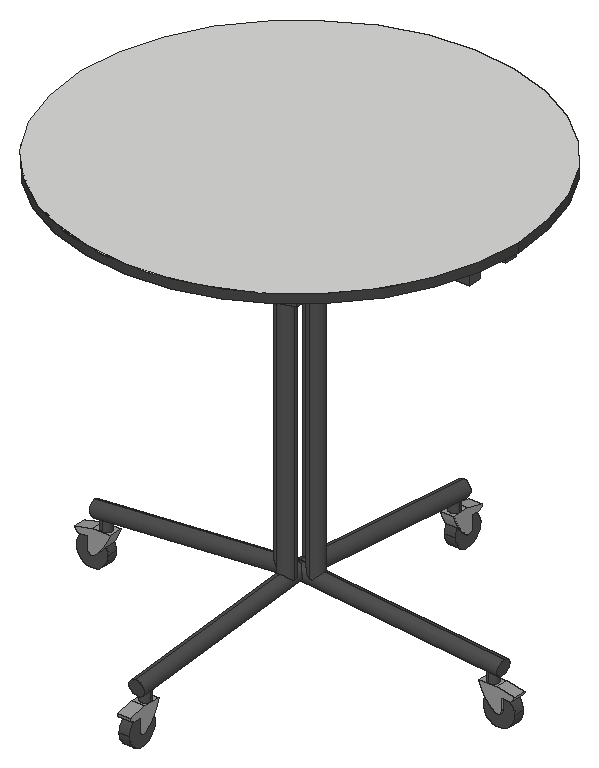
Revit family "Phlip20 42 Dia", category Furniture, Revit 2017
Family settings
  Work Plane-Based = No
  Always vertical = Yes
  Cut with Voids When Loaded = No
  Shared = No
  Room Calculation Point = No
Parameters (values of type "Phlip20 42" X-Base EdgeGuard")
  Top [instance] = Palmer Hamilton Lt Gry
  Stored [instance] = not(Open)  # no
  Open [instance] = yes
  Model = "PHLIP20-4242RD"
  Manufacturer = "Palmer Hamilton"
  Height = 3' - 6"
  Frame [instance] = Palmer Hamilton Black
  Edge Type = Phlip20 42 Top : Phlip20 42 Top
  Edge [instance] = Palmer Hamilton - Edge
Types (3): name | Edge Type
  (no name) | Phlip20 42 Top : Phlip20 42 Top
  Phlip20 42" X-Base EdgeGuard | Phlip20 42 Top : Phlip20 42 Top
  Phlip20 42" X-Base SmartEdge | Phlip20 42 Top SmartEdge : Phlip20 42 Top SmartEdge
Reference planes (in)
  plane 1 "Center (Front/Back)": y = 0
  plane 2: z = 0
  plane 3 "Center (Left/Right)": x = 0
  plane 4: z = 42
Forms (in)
  Extrusion 1, solid, material "Palmer Hamilton - Steel"
    sketch origin (0, -2.98614, 0) x (0, 1, 0) y (0, 0, 1)
      loop
        line (-16.42728, 3.45416) -> (-18.13168, 3.09187)
        arc (-18.13168, 3.09187) -> (-17.9132, 2.75011) -> (-17.51731, 2.66169) r 0.532
        line (-17.51731, 2.66169) -> (-16.91553, 2.66169) -> (-16.91553, 1.60335)
        arc (-16.91553, 1.60335) -> (-16.69666, 1.22703) -> (-16.26228, 1.25605) r 0.41284
        arc (-16.26228, 1.25605) -> (-15.30527, 2.22385) -> (-14.72315, 3.45416) r 4.04775
        line (-14.72315, 3.45416) -> (-16.42728, 3.45416)
    from 0.625 to -0.625
  Extrusion 2, solid, material "Palmer Hamilton Black"
    sketch origin (0, -2.98614, 0) x (0, 1, 0) y (0, 0, 1)
      loop
        circle (-16.57816, 1.48894) r 1.5
    from -0.5 to 0.5
  Extrusion 3, solid, material "Palmer Hamilton Black" <- "Frame"
    sketch origin (11.25, -3.85685, 0) x (1, 0, 0) y (0, 1, 0)
      loop
        circle (-11.25, -14.72315) r 0.5
    from 3.35065 to 4.95416
  Extrusion 4, solid, material "Palmer Hamilton - Steel"
    sketch origin (0, 2.98614, 0) x (0, -1, 0) y (0, 0, -1)
      loop
        line (-16.42728, -3.45416) -> (-14.72315, -3.45416)
        arc (-14.72315, -3.45416) -> (-15.30527, -2.22385) -> (-16.26228, -1.25605) r 4.04775
        arc (-16.26228, -1.25605) -> (-16.69666, -1.22703) -> (-16.91553, -1.60335) r 0.41284
        line (-16.91553, -1.60335) -> (-16.91553, -2.66169) -> (-17.51731, -2.66169)
        arc (-17.51731, -2.66169) -> (-17.9132, -2.75011) -> (-18.13168, -3.09187) r 0.532
        line (-18.13168, -3.09187) -> (-16.42728, -3.45416)
    from 0.625 to -0.625
  Extrusion 5, solid, material "Palmer Hamilton Black"
    sketch origin (0, 2.98614, 0) x (0, -1, 0) y (0, 0, -1)
      loop
        circle (-16.57816, -1.48894) r 1.5
    from 0.5 to -0.5
  Extrusion 6, solid, material "Palmer Hamilton Black" <- "Frame"
    sketch origin (11.25, 3.85685, 0) x (1, 0, 0) y (0, 1, 0)
      loop
        circle (-11.25, 14.72315) r 0.5
    from 3.35065 to 4.95416
  Sweep 7, solid, material "Palmer Hamilton Black" <- "Frame"
    path origin (11.25, 0, 0) x (0, 1, 0) y (0, 0, 1)
      loop
        arc (19.5643, 4.87227) -> (0, 6.53546) -> (-19.5643, 4.87227) r 115.89996
    profile origin (11.25, 0, 6.53546) x (0, 0, -1) y (1, 0, 0)
      loop
        circle (0, -11.25) r 0.75
  Extrusion 8, solid, material "Palmer Hamilton Black" <- "Frame"
    sketch origin (11.25, 0, 0) x (1, 0, 0) y (0, 1, 0)
      loop
        circle (-11.25, 1.57) r 0.75
      loop
        circle (-11.25, -1.555) r 0.75
    from 6.53034 to 38.68518
  Extrusion 9, solid, material "Palmer Hamilton - Steel"
    sketch origin (2.98614, 0, 0) x (-1, 0, 0) y (0, 0, 1)
      loop
        line (-16.42728, 3.45416) -> (-18.13168, 3.09187)
        arc (-18.13168, 3.09187) -> (-17.9132, 2.75011) -> (-17.51731, 2.66169) r 0.532
        line (-17.51731, 2.66169) -> (-16.91553, 2.66169) -> (-16.91553, 1.60335)
        arc (-16.91553, 1.60335) -> (-16.69666, 1.22703) -> (-16.26228, 1.25605) r 0.41284
        arc (-16.26228, 1.25605) -> (-15.30527, 2.22385) -> (-14.72315, 3.45416) r 4.04775
        line (-14.72315, 3.45416) -> (-16.42728, 3.45416)
    from 0.625 to -0.625
  Extrusion 10, solid, material "Palmer Hamilton Black"
    sketch origin (2.98614, 0, 0) x (-1, 0, 0) y (0, 0, 1)
      loop
        circle (-16.57816, 1.48894) r 1.5
    from -0.5 to 0.5
  Extrusion 11, solid, material "Palmer Hamilton Black" <- "Frame"
    sketch origin (3.85685, 11.25, 0) x (0, 1, 0) y (-1, 0, 0)
      loop
        circle (-11.25, -14.72315) r 0.5
    from 3.35065 to 4.95416
  Extrusion 12, solid, material "Palmer Hamilton - Steel"
    sketch origin (-2.98614, 0, 0) x (1, 0, 0) y (0, 0, -1)
      loop
        line (-16.42728, -3.45416) -> (-14.72315, -3.45416)
        arc (-14.72315, -3.45416) -> (-15.30527, -2.22385) -> (-16.26228, -1.25605) r 4.04775
        arc (-16.26228, -1.25605) -> (-16.69666, -1.22703) -> (-16.91553, -1.60335) r 0.41284
        line (-16.91553, -1.60335) -> (-16.91553, -2.66169) -> (-17.51731, -2.66169)
        arc (-17.51731, -2.66169) -> (-17.9132, -2.75011) -> (-18.13168, -3.09187) r 0.532
        line (-18.13168, -3.09187) -> (-16.42728, -3.45416)
    from 0.625 to -0.625
  Extrusion 13, solid, material "Palmer Hamilton Black"
    sketch origin (-2.98614, 0, 0) x (1, 0, 0) y (0, 0, -1)
      loop
        circle (-16.57816, -1.48894) r 1.5
    from 0.5 to -0.5
  Extrusion 14, solid, material "Palmer Hamilton Black" <- "Frame"
    sketch origin (-3.85685, 11.25, 0) x (0, 1, 0) y (-1, 0, 0)
      loop
        circle (-11.25, 14.72315) r 0.5
    from 3.35065 to 4.95416
  Sweep 15, solid, material "Palmer Hamilton Black" <- "Frame"
    path origin (0, 11.25, 0) x (-1, 0, 0) y (0, 0, 1)
      loop
        arc (19.5643, 4.87227) -> (0, 6.53546) -> (-19.5643, 4.87227) r 115.89996
    profile origin (0, 11.25, 6.53546) x (0, 0, -1) y (0, 1, 0)
      loop
        circle (0, -11.25) r 0.75
  Extrusion 16, solid, material "Palmer Hamilton Black" <- "Frame"
    sketch origin (0, 11.25, 0) x (0, 1, 0) y (-1, 0, 0)
      loop
        circle (-11.25, 1.57) r 0.75
      loop
        circle (-11.25, -1.555) r 0.75
    from 6.53034 to 38.68518
  Extrusion 17, solid, material "Palmer Hamilton Black" <- "Frame"
    sketch origin (0, 0, 0) x (1, 0, 0) y (0, 1, 0)
      loop
        line (-18.55, 2.8125) -> (-18.55, 1.5625) -> (18.55, 1.5625) -> (18.55, 2.8125) -> (-18.55, 2.8125)
      loop
        line (-18.55, -2.8125) -> (18.55, -2.8125) -> (18.55, -1.5625) -> (-18.55, -1.5625) -> (-18.55, -2.8125)
    from 38.67463 to 39.92463
  Extrusion 18, solid, material "Palmer Hamilton Black" <- "Frame"
    sketch origin (0, 0, 0) x (1, 0, 0) y (0, 1, 0)
      loop
        line (-18.375, 2.9875) -> (-18.375, -2.9875) -> (-17.125, -2.9875) -> (-17.125, 2.9875) -> (-18.375, 2.9875)
      loop
        line (18.375, 2.9875) -> (17.125, 2.9875) -> (17.125, -2.9875) -> (18.375, -2.9875) -> (18.375, 2.9875)
    from 39.92463 to 41.15713
  Extrusion 19, solid
    sketch origin (0, 0, 0) x (1, 0, 0) y (0, 1, 0)
      loop
        line (-3.125, 2.8125) -> (-3.125, -2.8125) -> (3.125, -2.8125) -> (3.125, 2.8125) -> (-3.125, 2.8125)
    from 38.48713 to 38.67463
Dimensions and locks (in)
  "Height": plane 4 to level
  locked: plane 4 to Extrusion 8 at 3.31482
  Extrusion 8 to level = 0' - 6.53034"
  locked: plane 4 to Extrusion 18 at 0.84287
  locked: plane 4 to Extrusion 18 at 2.07537
  locked: plane 4 to Extrusion 17 at 3.32537
  locked: Extrusion 17 to Extrusion 19 at 0.1875
  aligned and locked: plane 2 to level
  aligned and locked: Extrusion 17 to Extrusion 18
  aligned and locked: Extrusion 19 to Extrusion 17
Automatic sketch dimensions
  level to Extrusion 1 sketch curve = 0' - 4.54554"
  plane 1 "Center (Front/Back)" to Extrusion 1 sketch curve = 1' - 9.60713"
  level to Extrusion 1 sketch curve = 0' - 3.09187"
  Extrusion 1 sketch curve to Extrusion 1 sketch curve = 0' - 0.48931"
  Extrusion 1 sketch curve to Extrusion 1 sketch curve = 0' - 0.52362"
  Extrusion 1 sketch curve to Extrusion 1 sketch curve = 0' - 0.09074"
  Extrusion 1 sketch curve to Extrusion 1 sketch curve = 0' - 0.60179"
  Extrusion 1 sketch curve to Extrusion 1 sketch curve = 0' - 0.41267"
  level to Extrusion 1 sketch curve = 0' - 3.45416"
  Extrusion 1 sketch curve to Extrusion 1 sketch curve = 0' - 0.48825"
  Extrusion 1 sketch curve to Extrusion 1 sketch curve = 0' - 1.70412"
  Extrusion 1 sketch curve to Extrusion 1 sketch curve = 0' - 0.79246"
  Extrusion 1 sketch curve to Extrusion 1 sketch curve = 0' - 1.05834"
  Extrusion 1 sketch curve to Extrusion 1 sketch curve = 0' - 0.0118"
  level to Extrusion 2 sketch curve = 0' - 1.48894"
  plane 1 "Center (Front/Back)" to Extrusion 2 sketch curve = 1' - 7.5643"
  Extrusion 3 sketch curve to plane 3 "Center (Left/Right)" = 0' - 0"
  plane 1 "Center (Front/Back)" to Extrusion 3 sketch curve = 1' - 6.58"
  Extrusion 4 sketch curve to level = 0' - 4.54554"
  plane 1 "Center (Front/Back)" to Extrusion 4 sketch curve = 1' - 9.60713"
  Extrusion 4 sketch curve to level = 0' - 3.09187"
  Extrusion 4 sketch curve to Extrusion 4 sketch curve = 0' - 0.48931"
  Extrusion 4 sketch curve to Extrusion 4 sketch curve = 0' - 0.52362"
  Extrusion 4 sketch curve to Extrusion 4 sketch curve = 0' - 0.09074"
  Extrusion 4 sketch curve to Extrusion 4 sketch curve = 0' - 0.60179"
  Extrusion 4 sketch curve to Extrusion 4 sketch curve = 0' - 0.41267"
  Extrusion 4 sketch curve to level = 0' - 3.45416"
  Extrusion 4 sketch curve to Extrusion 4 sketch curve = 0' - 0.48825"
  Extrusion 4 sketch curve to Extrusion 4 sketch curve = 0' - 1.70412"
  Extrusion 4 sketch curve to Extrusion 4 sketch curve = 0' - 0.79246"
  Extrusion 4 sketch curve to Extrusion 4 sketch curve = 0' - 1.05834"
  Extrusion 4 sketch curve to Extrusion 4 sketch curve = 0' - 0.0118"
  Extrusion 5 sketch curve to level = 0' - 1.48894"
  plane 1 "Center (Front/Back)" to Extrusion 5 sketch curve = 1' - 7.5643"
  plane 3 "Center (Left/Right)" to Extrusion 6 sketch curve = 0' - 0"
  plane 1 "Center (Front/Back)" to Extrusion 6 sketch curve = 1' - 6.58"
  Sweep 7 sketch curve to profile plane = 0' - 0"
  Sweep 7 sketch curve to plane 3 "Center (Left/Right)" = 0' - 0"
  plane 1 "Center (Front/Back)" to Extrusion 8 sketch curve = 0' - 1.555"
  Extrusion 8 sketch curve to plane 3 "Center (Left/Right)" = 0' - 0"
  Extrusion 8 sketch curve to Extrusion 8 sketch curve = 0' - 0"
  Extrusion 8 sketch curve to plane 1 "Center (Front/Back)" = 0' - 1.57"
  Sweep 7 sketch curve to plane 1 "Center (Front/Back)" = 0' - 0"
  Sweep 7 sketch curve to level = 9' - 1.36449"
  level to Sweep 7 sketch curve = 0' - 4.87227"  (x2)
  plane 1 "Center (Front/Back)" to Sweep 7 sketch curve = 1' - 7.5643"
  level to Extrusion 9 sketch curve = 0' - 4.54554"
  plane 3 "Center (Left/Right)" to Extrusion 9 sketch curve = 1' - 9.60713"
  level to Extrusion 9 sketch curve = 0' - 3.09187"
  Extrusion 9 sketch curve to Extrusion 9 sketch curve = 0' - 0.48931"
  Extrusion 9 sketch curve to Extrusion 9 sketch curve = 0' - 0.52362"
  Extrusion 9 sketch curve to Extrusion 9 sketch curve = 0' - 0.09074"
  Extrusion 9 sketch curve to Extrusion 9 sketch curve = 0' - 0.60179"
  Extrusion 9 sketch curve to Extrusion 9 sketch curve = 0' - 0.41267"
  level to Extrusion 9 sketch curve = 0' - 3.45416"
  Extrusion 9 sketch curve to Extrusion 9 sketch curve = 0' - 0.48825"
  Extrusion 9 sketch curve to Extrusion 9 sketch curve = 0' - 1.70412"
  Extrusion 9 sketch curve to Extrusion 9 sketch curve = 0' - 0.79246"
  Extrusion 9 sketch curve to Extrusion 9 sketch curve = 0' - 1.05834"
  Extrusion 9 sketch curve to Extrusion 9 sketch curve = 0' - 0.0118"
  level to Extrusion 10 sketch curve = 0' - 1.48894"
  plane 3 "Center (Left/Right)" to Extrusion 10 sketch curve = 1' - 7.5643"
  plane 1 "Center (Front/Back)" to Extrusion 11 sketch curve = 0' - 0"
  plane 3 "Center (Left/Right)" to Extrusion 11 sketch curve = 1' - 6.58"
  level to Extrusion 12 sketch curve = 0' - 4.54554"
  Extrusion 12 sketch curve to plane 3 "Center (Left/Right)" = 1' - 9.60713"
  level to Extrusion 12 sketch curve = 0' - 3.09187"
  Extrusion 12 sketch curve to Extrusion 12 sketch curve = 0' - 0.48931"
  Extrusion 12 sketch curve to Extrusion 12 sketch curve = 0' - 0.52362"
  Extrusion 12 sketch curve to Extrusion 12 sketch curve = 0' - 0.09074"
  Extrusion 12 sketch curve to Extrusion 12 sketch curve = 0' - 0.60179"
  Extrusion 12 sketch curve to Extrusion 12 sketch curve = 0' - 0.41267"
  level to Extrusion 12 sketch curve = 0' - 3.45416"
  Extrusion 12 sketch curve to Extrusion 12 sketch curve = 0' - 0.48825"
  Extrusion 12 sketch curve to Extrusion 12 sketch curve = 0' - 1.70412"
  Extrusion 12 sketch curve to Extrusion 12 sketch curve = 0' - 0.09402"
  Extrusion 12 sketch curve to Extrusion 12 sketch curve = 0' - 1.05834"
  Extrusion 12 sketch curve to Extrusion 12 sketch curve = 0' - 0.0118"
  level to Extrusion 13 sketch curve = 0' - 1.48894"
  Extrusion 13 sketch curve to plane 3 "Center (Left/Right)" = 1' - 7.5643"
  plane 1 "Center (Front/Back)" to Extrusion 14 sketch curve = 0' - 0"
  Extrusion 14 sketch curve to plane 3 "Center (Left/Right)" = 1' - 6.58"
  Sweep 15 sketch curve to plane 3 "Center (Left/Right)" = 0' - 0"
  Sweep 15 sketch curve to level = 9' - 1.36449"
  level to Sweep 15 sketch curve = 0' - 4.87227"  (x2)
  plane 3 "Center (Left/Right)" to Sweep 15 sketch curve = 1' - 7.5643"
  Sweep 15 sketch curve to profile plane = 0' - 0"
  Sweep 15 sketch curve to profile plane = 0' - 11 1/4"
  plane 1 "Center (Front/Back)" to Extrusion 16 sketch curve = 0' - 0"  (x2)
  plane 3 "Center (Left/Right)" to Extrusion 16 sketch curve = 0' - 1.555"
  Extrusion 16 sketch curve to plane 3 "Center (Left/Right)" = 0' - 1.57"
  Extrusion 17 sketch curve to plane 3 "Center (Left/Right)" = 1' - 6.55"
  Extrusion 17 sketch curve to Extrusion 17 sketch curve = 0' - 0"  (x2)
  plane 1 "Center (Front/Back)" to Extrusion 17 sketch curve = 0' - 2 13/16"
  plane 3 "Center (Left/Right)" to Extrusion 17 sketch curve = 1' - 6.55"
  plane 1 "Center (Front/Back)" to Extrusion 17 sketch curve = 0' - 1 9/16"
  Extrusion 17 sketch curve to plane 1 "Center (Front/Back)" = 0' - 1 9/16"
  Extrusion 17 sketch curve to Extrusion 17 sketch curve = 0' - 1 1/4"
  plane 1 "Center (Front/Back)" to Extrusion 18 sketch curve = 0' - 2.9875"  (x2)
  Extrusion 18 sketch curve to plane 3 "Center (Left/Right)" = 1' - 6 3/8"
  Extrusion 18 sketch curve to Extrusion 18 sketch curve = 0' - 1 1/4"  (x2)
  plane 3 "Center (Left/Right)" to Extrusion 18 sketch curve = 1' - 5 1/8"
  Extrusion 18 sketch curve to plane 1 "Center (Front/Back)" = 0' - 2.9875"  (x2)
  Extrusion 19 sketch curve to plane 3 "Center (Left/Right)" = 0' - 3 1/8"
  plane 3 "Center (Left/Right)" to Extrusion 19 sketch curve = 0' - 3 1/8"
  plane 1 "Center (Front/Back)" to Extrusion 19 sketch curve = 0' - 2 13/16"
  Extrusion 19 sketch curve to plane 1 "Center (Front/Back)" = 0' - 2 13/16"
  radius of Extrusion 2 sketch curve = 0' - 1 1/2"
  radius of Extrusion 3 sketch curve = 0' - 0 1/2"
  radius of Extrusion 5 sketch curve = 0' - 1 1/2"
  radius of Extrusion 6 sketch curve = 0' - 0 1/2"
  radius of Sweep 7 sketch curve = 0' - 0 3/4"
  radius of Extrusion 8 sketch curve = 0' - 0 3/4"  (x2)
  radius of Extrusion 10 sketch curve = 0' - 1 1/2"
  radius of Extrusion 11 sketch curve = 0' - 0 1/2"
  radius of Extrusion 13 sketch curve = 0' - 1 1/2"
  radius of Extrusion 14 sketch curve = 0' - 0 1/2"
  radius of Sweep 15 sketch curve = 0' - 0 3/4"
  radius of Extrusion 16 sketch curve = 0' - 0 3/4"  (x2)
Nested families (in)
  nested 1: "Phlip20 42 Top" at (0, 0, 0), type <- "Edge Type", Edge <- "Edge", Frame <- "Frame", Top <- "Top", Open <- "Open", type "Phlip20 42 Top"
    with Top Palmer Hamilton Lt Gry, Stored no, Open yes, Frame Palmer Hamilton Black, Edge Palmer Hamilton - Edge
Definition of nested family "Phlip20 42 Top"
  Parameters (values of type "Phlip20 42 Top")
    Top [instance] = none
    Stored [instance] = not(Open)  # no
    Open [instance] = yes
    Model = "PHLIP20-4236RD"
    Manufacturer = "Palmer Hamilton"
    Height = 3' - 6"
    Frame [instance] = none
    Edge [instance] = none
  Reference planes (in)
    plane 1 "Center (Front/Back)": y = 0
    plane 2: z = 0
    plane 3 "Center (Left/Right)": x = 0
    plane 4: z = 42
  Forms (in)
    Extrusion 1, solid, material <- "Top", visible <- "Open"
      sketch origin (0, 0, 0) x (1, 0, 0) y (0, 1, 0)
        loop
          circle (0, 0) r 21
      from 41.15713 to 42
    Extrusion 2, solid, material <- "Frame", visible <- "Open"
      sketch origin (0, 0, 0) x (1, 0, 0) y (0, 1, 0)
        loop
          line (0, 18.87815) -> (-11.88, 15.14152) -> (-11.88, -15.15688) -> (0.00004, -18.89314) -> (11.88, -15.15652) -> (11.88, 15.14152) -> (0, 18.87815)
        loop
          line (0, 15.54289) -> (-10.63, 12.19942) -> (-10.63, -12.21442) -> (0, -15.55789) -> (10.63, -12.21442) -> (10.63, 12.19942) -> (0, 15.54289)
      from 39.92463 to 41.15713
    Extrusion 3, solid, material <- "Top", visible <- "Stored"
      sketch origin (0, 36.79963, 43.04963) x (1, 0, 0) y (0, 0, 1)
        loop
          circle (0, 0) r 21
      from 41.15713 to 42
    Extrusion 4, solid, material <- "Frame", visible <- "Stored"
      sketch origin (0, 36.79963, 43.04963) x (1, 0, 0) y (0, 0, 1)
        loop
          line (0, 18.87815) -> (-11.88, 15.14152) -> (-11.88, -15.15688) -> (0.00004, -18.89314) -> (11.88, -15.15652) -> (11.88, 15.14152) -> (0, 18.87815)
        loop
          line (0, 15.54289) -> (-10.63, 12.19942) -> (-10.63, -12.21442) -> (0, -15.55789) -> (10.63, -12.21442) -> (10.63, 12.19942) -> (0, 15.54289)
      from 39.92463 to 41.15713
  Dimensions and locks (in)
    "Height": plane 4 to level
    locked: plane 4 to Extrusion 1 at 0.84287
    locked: plane 4 to Extrusion 2 at 2.07537
    aligned and locked: plane 2 to level
    aligned and locked: plane 4 to Extrusion 1
    aligned and locked: Extrusion 2 to Extrusion 1
    aligned and locked: Extrusion 3 to Extrusion 4
  Automatic sketch dimensions
    plane 1 "Center (Front/Back)" to Extrusion 1 sketch curve = 0' - 0"
    Extrusion 1 sketch curve to plane 3 "Center (Left/Right)" = 0' - 0"
    Extrusion 2 sketch curve to plane 1 "Center (Front/Back)" = 1' - 0.19942"
    Extrusion 2 sketch curve to plane 3 "Center (Left/Right)" = 0' - 0"  (x2)
    Extrusion 2 sketch curve to Extrusion 2 sketch curve = 0' - 2.94246"
    Extrusion 2 sketch curve to Extrusion 2 sketch curve = 0' - 3.34347"  (x3)
    Extrusion 2 sketch curve to Extrusion 2 sketch curve = 0' - 2.9421"  (x3)
    Extrusion 2 sketch curve to Extrusion 2 sketch curve = 0' - 3.33527"
    plane 3 "Center (Left/Right)" to Extrusion 2 sketch curve = 0' - 0"
    Extrusion 2 sketch curve to plane 3 "Center (Left/Right)" = 0' - 10.63"
    Extrusion 2 sketch curve to Extrusion 2 sketch curve = 0' - 1 1/4"  (x2)
    plane 3 "Center (Left/Right)" to Extrusion 2 sketch curve = 0' - 0.00004"
    Extrusion 2 sketch curve to Extrusion 2 sketch curve = 0' - 10.63"
    plane 1 "Center (Front/Back)" to Extrusion 2 sketch curve = 1' - 0.21442"  (x2)
    Extrusion 2 sketch curve to Extrusion 2 sketch curve = 0' - 3.33525"
    Extrusion 3 sketch curve to plane 3 "Center (Left/Right)" = 0' - 0"
    plane 4 to Extrusion 3 sketch curve = 0' - 1.04963"
    Extrusion 4 sketch curve to plane 3 "Center (Left/Right)" = 0' - 0"  (x3)
    Extrusion 4 sketch curve to plane 3 "Center (Left/Right)" = 0' - 10.63"
    Extrusion 4 sketch curve to Extrusion 4 sketch curve = 0' - 1 1/4"  (x2)
    plane 3 "Center (Left/Right)" to Extrusion 4 sketch curve = 0' - 0.00004"
    plane 3 "Center (Left/Right)" to Extrusion 4 sketch curve = 0' - 10.63"
    Extrusion 4 sketch curve to plane 4 = 1' - 5.8435"
    Extrusion 4 sketch curve to Extrusion 4 sketch curve = 0' - 3.33525"
    Extrusion 4 sketch curve to Extrusion 4 sketch curve = 0' - 0.40101"
    Extrusion 4 sketch curve to Extrusion 4 sketch curve = 0' - 0.40137"
    Extrusion 4 sketch curve to Extrusion 4 sketch curve = 0' - 2.94246"
    Extrusion 4 sketch curve to Extrusion 4 sketch curve = 0' - 2.9421"  (x3)
    plane 4 to Extrusion 4 sketch curve = 1' - 1.24905"  (x2)
    Extrusion 4 sketch curve to Extrusion 4 sketch curve = 0' - 3.34347"
    Extrusion 4 sketch curve to Extrusion 4 sketch curve = 0' - 3.33527"
    radius of Extrusion 1 sketch curve = 1' - 9"
    radius of Extrusion 3 sketch curve = 1' - 9"
